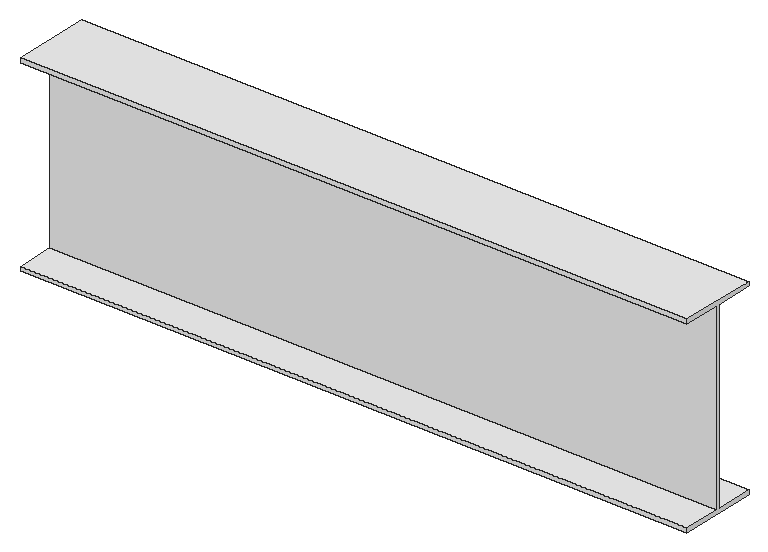
Revit family "VS - VS de vigas soldadas", category Quadro estrutural, Revit 2019
Family settings
  Arredondamento do comprimento do framing estrutural = 1 mm
  Forma do corte = Não definido
  Material para o comportamento do modelo = Aço
  Exportar sempre como geometria = Não
  Sempre na vertical = Sim
  Corte com vazios quando carregada = Não
  Representação simbólica = Das configurações de projeto
  Compartilhado = Não
  Exibir o pré-corte da família na vista da planta = Sim
Parameters (values of type "VS 350x30")
  d1 = d - 2 * tf  # 334 mm
  W = 0.03
  Type Comments = ""
  Structural Material [instance] = Metal - Aço - 250 MPa
  Assembly Code = ""
  Length [instance] = 1500 mm
  bf = 140 mm
  d = 350 mm
  tf = 8 mm
  tw = 4.8 mm
  A = 0.004 m²
Reference planes
  plane 1 "Centro (Frente/Trás)": y = 0
  plane 2: z = 0
  plane 3 "Centro (Esquerda/Direita)": x = 4.61
  plane 4 "Membro esquerdo": x = -604.99
  plane 5 "Membro direito": x = 614.21
  plane 6: y = 70
  plane 7: y = -70
  plane 8 "Superior": z = 175
  plane 9: z = -175
  plane 10 "Esquerda": x = -757.39
  plane 11 "Direita": x = 742.61
  plane 12: z = 167
  plane 13: z = -167
Forms (mm)
  Sweep 1, solid, material "Metal - Aço - 250 MPa" <- "Structural Material", detail levels medium+fine
    path origin (0, 0, 0) x (1, 0, 0) y (0, 1, 0)
      loop
        line (614.21, 0) -> (-604.99, 0)
    profile "WB-Vigas Soladas-Perfil : WB-Vigas Soladas-Perfil" origin (4.61, 0, 0) x (0, -1, 0) y (0, 0, 1)
      loop
        line (-70, -175) -> (70, -175) -> (70, -167) -> (2.4, -167) -> (2.4, 167) -> (70, 167) -> (70, 175) -> (-70, 175) -> (-70, 167) -> (-2.4, 167) -> (-2.4, -167) -> (-70, -167) -> (-70, -175)
Lines and regions (mm)
  symbolic lines, style "Faces ocultas", detail levels medium+fine
    curve 1: line (614.21, -2.4, 0) -> (-604.99, -2.4, 0)
    curve 2: line (614.21, 2.4, 0) -> (-604.99, 2.4, 0)
  symbolic lines, style "Símbolos de vara", detail levels coarse
    curve 3: line (4.61, 70, 175) -> (4.61, -70, 175)
    curve 4: line (4.61, -70, -175) -> (4.61, 70, -175)
    curve 5: line (4.61, 0, 175) -> (4.61, 0, -175)
Dimensions and locks
  "bf": plane 6 to plane 7
  "d": plane 9 to plane 8 "Superior"
  equal spacing: plane 9, plane 2, plane 8 "Superior"
  equal spacing: plane 6, plane 1 "Centro (Frente/Trás)", plane 7
  "Length": plane 10 "Esquerda" to plane 11 "Direita"
  "tw": curve 2 to curve 1
  equal spacing: curve 2, plane 1 "Centro (Frente/Trás)", curve 1
  equal spacing: plane 12, plane 2, plane 13
  "d1": plane 12 to plane 13
  aligned and locked: Sweep 1 sketch curve to plane 1 "Centro (Frente/Trás)"
  aligned and locked: plane 4 "Membro esquerdo" to Sweep 1 sketch curve
  aligned and locked: plane 5 "Membro direito" to Sweep 1 sketch curve
  aligned and locked: plane 4 "Membro esquerdo" to curve 1
  aligned and locked: plane 5 "Membro direito" to curve 1
  aligned and locked: plane 4 "Membro esquerdo" to curve 2
  aligned and locked: plane 5 "Membro direito" to curve 2
Automatic sketch dimensions
  curve 5 to plane 1 "Centro (Frente/Trás)" = 0 mm
  curve 3 to plane 7 = 0 mm
  curve 4 to plane 7 = 0 mm
  curve 4 to plane 6 = 0 mm
  curve 3 to plane 6 = 0 mm
  plane 9 to curve 4 = 0 mm
  plane 8 "Superior" to curve 5 = 0 mm
Types in the file's own list only (116): name | d1 | W | bf | d | tf | tw | A
  VS 200x19 | 187 mm | 0.0219 | 120 mm | 200 mm | 6 mm | 5 mm | 0.00 m²
  VS 200x22 | 184 mm | 0.0219 | 120 mm | 200 mm | 8 mm | 5 mm | 0.00 m²
  VS 200x25 | 181 mm | 0.0246 | 120 mm | 200 mm | 10 mm | 5 mm | 0.00 m²
  VS 200x20 | 187 mm | 0.0198 | 130 mm | 200 mm | 6 mm | 5 mm | 0.00 m²
  VS 200x23 | 184 mm | 0.0232 | 130 mm | 200 mm | 8 mm | 5 mm | 0.00 m²
  VS 200x26 | 181 mm | 0.0261 | 130 mm | 200 mm | 10 mm | 5 mm | 0.00 m²
  VS 200x21 | 187 mm | 0.0208 | 140 mm | 200 mm | 6 mm | 5 mm | 0.00 m²
  VS 200x24 | 184 mm | 0.0244 | 140 mm | 200 mm | 8 mm | 5 mm | 0.00 m²
  VS 200x28 | 181 mm | 0.0276 | 140 mm | 200 mm | 10 mm | 5 mm | 0.00 m²
  VS 250x21 | 237 mm | 0.0207 | 120 mm | 250 mm | 6 mm | 5 mm | 0.00 m²
  VS 250x24 | 234 mm | 0.0238 | 120 mm | 250 mm | 8 mm | 5 mm | 0.00 m²
  VS 250x27 | 231 mm | 0.0265 | 120 mm | 250 mm | 10 mm | 5 mm | 0.00 m²
  VS 250x23 | 234 mm | 0.0263 | 140 mm | 250 mm | 8 mm | 5 mm | 0.00 m²
  VS 250x30 | 231 mm | 0.0295 | 140 mm | 250 mm | 10 mm | 5 mm | 0.00 m²
  VS 250x25 | 237 mm | 0.0247 | 160 mm | 250 mm | 6 mm | 5 mm | 0.00 m²
  VS 250x29 | 234 mm | 0.0288 | 160 mm | 250 mm | 8 mm | 5 mm | 0.00 m²
  VS 250x33 | 231 mm | 0.0325 | 160 mm | 250 mm | 10 mm | 5 mm | 0.00 m²
  VS 300x23 | 287 mm | 0.0226 | 120 mm | 300 mm | 6 mm | 5 mm | 0.00 m²
  VS 300x26 | 284 mm | 0.0257 | 120 mm | 300 mm | 8 mm | 5 mm | 0.00 m²
  VS 300x29 | 287 mm | 0.0285 | 180 mm | 300 mm | 6 mm | 5 mm | 0.00 m²
  VS 300x25 | 287 mm | 0.0246 | 140 mm | 300 mm | 6 mm | 5 mm | 0.00 m²
  VS 300x28 | 284 mm | 0.0282 | 140 mm | 300 mm | 8 mm | 5 mm | 0.00 m²
  VS 300x32 | 281 mm | 0.0314 | 140 mm | 300 mm | 10 mm | 5 mm | 0.00 m²
  VS 300x27 | 287 mm | 0.0265 | 160 mm | 300 mm | 6 mm | 5 mm | 0.00 m²
  VS 300x31 | 284 mm | 0.0307 | 160 mm | 300 mm | 8 mm | 5 mm | 0.00 m²
  VS 300x34 | 281 mm | 0.0343 | 160 mm | 300 mm | 10 mm | 5 mm | 0.00 m²
  VS 300x33 | 284 mm | 0.0332 | 180 mm | 300 mm | 8 mm | 5 mm | 0.00 m²
  VS 300x38 | 281 mm | 0.0373 | 180 mm | 300 mm | 10 mm | 5 mm | 0.00 m²
  VS 350x26 | 337 mm | 0.0264 | 140 mm | 350 mm | 6 mm | 5 mm | 0.00 m²
  VS 350x34 | 331 mm | 0.0332 | 140 mm | 350 mm | 10 mm | 5 mm | 0.00 m²
  VS 350x28 | 337 mm | 0.0284 | 160 mm | 350 mm | 6 mm | 5 mm | 0.00 m²
  VS 350x33 | 334 mm | 0.0326 | 160 mm | 350 mm | 8 mm | 5 mm | 0.00 m²
  VS 350x36 | 331 mm | 0.0362 | 160 mm | 350 mm | 10 mm | 5 mm | 0.00 m²
  VS 350x31 | 337 mm | 0.0304 | 180 mm | 350 mm | 6 mm | 5 mm | 0.00 m²
  VS 350x35 | 334 mm | 0.0351 | 180 mm | 350 mm | 8 mm | 5 mm | 0.00 m²
  VS 350x39 | 331 mm | 0.0392 | 180 mm | 350 mm | 10 mm | 5 mm | 0.00 m²
  VS 350x38 | 334 mm | 0.0376 | 200 mm | 350 mm | 8 mm | 5 mm | 0.00 m²
  VS 350x42 | 331 mm | 0.0422 | 200 mm | 350 mm | 10 mm | 5 mm | 0.01 m²
  VS 400x28 | 387 mm | 0.0283 | 140 mm | 400 mm | 6 mm | 5 mm | 0.00 m²
  VS 400x32 | 384 mm | 0.0319 | 140 mm | 400 mm | 8 mm | 5 mm | 0.00 m²
  VS 400x35 | 381 mm | 0.0351 | 140 mm | 400 mm | 10 mm | 5 mm | 0.00 m²
  VS 400x30 | 387 mm | 0.0303 | 160 mm | 400 mm | 6 mm | 5 mm | 0.00 m²
  VS 400x34 | 384 mm | 0.0344 | 160 mm | 400 mm | 8 mm | 5 mm | 0.00 m²
  VS 400x38 | 381 mm | 0.0381 | 160 mm | 400 mm | 10 mm | 5 mm | 0.00 m²
  VS 400x33 | 387 mm | 0.0322 | 180 mm | 400 mm | 6 mm | 5 mm | 0.00 m²
  VS 400x37 | 384 mm | 0.0369 | 180 mm | 400 mm | 8 mm | 5 mm | 0.00 m²
  VS 400x41 | 381 mm | 0.0411 | 180 mm | 400 mm | 10 mm | 5 mm | 0.01 m²
  VS 400x40 | 384 mm | 0.0394 | 200 mm | 400 mm | 8 mm | 5 mm | 0.01 m²
  VS 400x44 | 381 mm | 0.044 | 200 mm | 400 mm | 10 mm | 5 mm | 0.01 m²
  VS 200x27 | 184 mm | 0.0267 | 140 mm | 200 mm | 8 mm | 6 mm | 0.00 m²
  VS 200x30 | 181 mm | 0.0298 | 140 mm | 200 mm | 10 mm | 6 mm | 0.00 m²
  VS 250x32 | 234 mm | 0.0317 | 160 mm | 250 mm | 8 mm | 6 mm | 0.00 m²
  VS 250x35 | 231 mm | 0.0353 | 160 mm | 250 mm | 10 mm | 6 mm | 0.00 m²
  VS 300x37 | 284 mm | 0.0366 | 180 mm | 300 mm | 8 mm | 6 mm | 0.00 m²
  VS 300x41 | 281 mm | 0.0407 | 180 mm | 300 mm | 10 mm | 6 mm | 0.01 m²
  VS 350x46 | 331 mm | 0.0462 | 200 mm | 350 mm | 10 mm | 6 mm | 0.01 m²
  VS 400x49 | 381 mm | 0.0487 | 200 mm | 400 mm | 10 mm | 6 mm | 0.01 m²
  VS 400x58 | 375 mm | 0.0578 | 200 mm | 400 mm | 13 mm | 6 mm | 0.01 m²
  VS 400x68 | 368 mm | 0.0684 | 200 mm | 400 mm | 16 mm | 6 mm | 0.01 m²
  VS 400x78 | 362 mm | 0.0776 | 200 mm | 400 mm | 19 mm | 6 mm | 0.01 m²
  VS 450x51 | 431 mm | 0.0511 | 200 mm | 450 mm | 10 mm | 6 mm | 0.01 m²
  VS 450x60 | 425 mm | 0.0603 | 200 mm | 450 mm | 13 mm | 6 mm | 0.01 m²
  VS 450x71 | 418 mm | 0.0709 | 200 mm | 450 mm | 16 mm | 6 mm | 0.01 m²
  VS 450x80 | 412 mm | 0.08 | 200 mm | 450 mm | 19 mm | 6 mm | 0.01 m²
  VS 500x61 | 481 mm | 0.0611 | 250 mm | 500 mm | 10 mm | 6 mm | 0.01 m²
  VS 500x73 | 475 mm | 0.0726 | 250 mm | 500 mm | 13 mm | 6 mm | 0.01 m²
  VS 500x86 | 468 mm | 0.0859 | 250 mm | 500 mm | 16 mm | 6 mm | 0.01 m²
  VS 500x97 | 462 mm | 0.0974 | 250 mm | 500 mm | 19 mm | 6 mm | 0.01 m²
  VS 550x64 | 531 mm | 0.0635 | 250 mm | 550 mm | 10 mm | 6 mm | 0.01 m²
  VS 550x75 | 525 mm | 0.075 | 250 mm | 550 mm | 13 mm | 6 mm | 0.01 m²
  VS 550x88 | 518 mm | 0.0884 | 250 mm | 550 mm | 16 mm | 6 mm | 0.01 m²
  VS 550x100 | 512 mm | 0.0999 | 250 mm | 550 mm | 19 mm | 6 mm | 0.01 m²
  VS 600x95 | 575 mm | 0.095 | 300 mm | 600 mm | 13 mm | 8 mm | 0.01 m²
  VS 600x111 | 568 mm | 0.111 | 300 mm | 600 mm | 16 mm | 8 mm | 0.01 m²
  VS 600x125 | 562 mm | 0.125 | 300 mm | 600 mm | 19 mm | 8 mm | 0.02 m²
  VS 600x140 | 555 mm | 0.14 | 300 mm | 600 mm | 22 mm | 8 mm | 0.02 m²
  VS 600x152 | 550 mm | 0.152 | 300 mm | 600 mm | 25 mm | 8 mm | 0.02 m²
  VS 600x98 | 625 mm | 0.0981 | 300 mm | 650 mm | 13 mm | 8 mm | 0.01 m²
  VS 650x114 | 618 mm | 0.114 | 300 mm | 650 mm | 16 mm | 8 mm | 0.01 m²
  VS 650x128 | 612 mm | 0.128 | 300 mm | 650 mm | 19 mm | 8 mm | 0.02 m²
  VS 650x144 | 605 mm | 0.144 | 300 mm | 650 mm | 22 mm | 8 mm | 0.02 m²
  VS 650x155 | 600 mm | 0.155 | 300 mm | 650 mm | 25 mm | 8 mm | 0.02 m²
  VS 700x105 | 675 mm | 0.105 | 320 mm | 700 mm | 13 mm | 8 mm | 0.01 m²
  VS 700x122 | 668 mm | 0.122 | 320 mm | 700 mm | 16 mm | 8 mm | 0.02 m²
  VS 700x137 | 662 mm | 0.137 | 320 mm | 700 mm | 19 mm | 8 mm | 0.02 m²
  VS 700x154 | 655 mm | 0.154 | 320 mm | 700 mm | 22 mm | 8 mm | 0.02 m²
  VS 700x166 | 650 mm | 0.166 | 320 mm | 700 mm | 25 mm | 8 mm | 0.02 m²
  VS 750x108 | 725 mm | 0.108 | 320 mm | 750 mm | 13 mm | 8 mm | 0.01 m²
  VS 750x125 | 718 mm | 0.125 | 320 mm | 750 mm | 16 mm | 8 mm | 0.02 m²
  VS 750x140 | 712 mm | 0.14 | 320 mm | 750 mm | 19 mm | 8 mm | 0.02 m²
  VS 750x157 | 705 mm | 0.157 | 320 mm | 750 mm | 22 mm | 8 mm | 0.02 m²
  VS 750x170 | 700 mm | 0.17 | 320 mm | 750 mm | 25 mm | 8 mm | 0.02 m²
  VS 800x111 | 775 mm | 0.111 | 320 mm | 800 mm | 13 mm | 8 mm | 0.01 m²
  VS 800x129 | 768 mm | 0.129 | 320 mm | 800 mm | 16 mm | 8 mm | 0.02 m²
  VS 800x143 | 762 mm | 0.143 | 320 mm | 800 mm | 19 mm | 8 mm | 0.02 m²
  VS 800x160 | 755 mm | 0.16 | 320 mm | 800 mm | 22 mm | 8 mm | 0.02 m²
  VS 850x120 | 825 mm | 0.12 | 350 mm | 850 mm | 13 mm | 8 mm | 0.02 m²
  VS 850x139 | 818 mm | 0.139 | 350 mm | 850 mm | 16 mm | 8 mm | 0.02 m²
  VS 850x155 | 812 mm | 0.155 | 350 mm | 850 mm | 19 mm | 8 mm | 0.02 m²
  VS 850x174 | 812 mm | 0.174 | 350 mm | 850 mm | 19 mm | 8 mm | 0.02 m²
  VS 850x188 | 800 mm | 0.188 | 350 mm | 850 mm | 25 mm | 8 mm | 0.02 m²
  VS 900x124 | 875 mm | 0.124 | 350 mm | 900 mm | 13 mm | 8 mm | 0.02 m²
  VS 900x142 | 868 mm | 0.142 | 350 mm | 900 mm | 16 mm | 8 mm | 0.02 m²
  VS 900x159 | 862 mm | 0.159 | 350 mm | 900 mm | 19 mm | 8 mm | 0.02 m²
  VS 900x177 | 855 mm | 0.177 | 350 mm | 900 mm | 22 mm | 8 mm | 0.02 m²
  VS 900x191 | 850 mm | 0.191 | 350 mm | 900 mm | 25 mm | 8 mm | 0.02 m²
  VS 950x127 | 925 mm | 0.127 | 350 mm | 950 mm | 13 mm | 8 mm | 0.02 m²
  VS 950x146 | 918 mm | 0.146 | 350 mm | 950 mm | 16 mm | 8 mm | 0.02 m²
  VS 950x162 | 912 mm | 0.162 | 350 mm | 950 mm | 19 mm | 8 mm | 0.02 m²
  VS 950x180 | 905 mm | 0.18 | 350 mm | 950 mm | 22 mm | 8 mm | 0.02 m²
  VS 950x194 | 900 mm | 0.194 | 350 mm | 950 mm | 25 mm | 8 mm | 0.02 m²
  VS 1000x140 | 975 mm | 0.14 | 400 mm | 1000 mm | 13 mm | 8 mm | 0.02 m²
  VS 1000x161 | 968 mm | 0.161 | 400 mm | 1000 mm | 16 mm | 8 mm | 0.02 m²
  VS 1000x180 | 962 mm | 0.18 | 400 mm | 1000 mm | 19 mm | 8 mm | 0.02 m²
  VS 1000x201 | 955 mm | 0.201 | 400 mm | 1000 mm | 22 mm | 8 mm | 0.03 m²
  VS 1000x217 | 950 mm | 0.217 | 400 mm | 1000 mm | 25 mm | 8 mm | 0.03 m²
